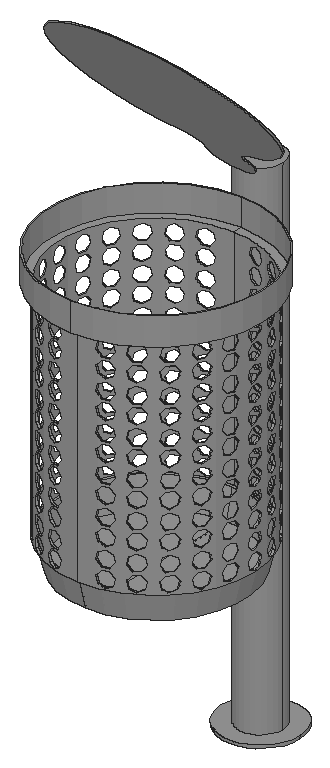
Revit family "Урна для раздельного сбора мусора «Флос» Арт 12769", category Антураж, Revit 2018 (continued)
Forms (mm)
  Extrusion 27, void
    sketch origin (-53.448, -558.364, 0) x (-0.965926, -0.258819, 0) y (0, 0, 1)
      loop
        line (-299.688, 604.326) -> (-311.415, 598.679) -> (-314.312, 585.989) -> (-306.196, 575.812) -> (-293.179, 575.812) -> (-285.064, 585.989) -> (-287.96, 598.679) -> (-299.688, 604.326)
      loop
        line (-299.688, 542.297) -> (-287.96, 547.945) -> (-285.064, 560.635) -> (-293.179, 570.812) -> (-306.196, 570.812) -> (-314.312, 560.635) -> (-311.415, 547.945) -> (-299.688, 542.297)
      loop
        line (-299.688, 537.297) -> (-311.415, 531.65) -> (-314.312, 518.959) -> (-306.196, 508.783) -> (-293.179, 508.783) -> (-285.064, 518.959) -> (-287.96, 531.65) -> (-299.688, 537.297)
      loop
        line (-299.688, 475.268) -> (-287.96, 480.916) -> (-285.064, 493.606) -> (-293.179, 503.783) -> (-306.196, 503.783) -> (-314.312, 493.606) -> (-311.415, 480.916) -> (-299.688, 475.268)
      loop
        line (-299.688, 470.268) -> (-311.415, 464.621) -> (-314.312, 451.93) -> (-306.196, 441.754) -> (-293.179, 441.754) -> (-285.064, 451.93) -> (-287.96, 464.621) -> (-299.688, 470.268)
      loop
        line (-299.688, 408.239) -> (-287.96, 413.887) -> (-285.064, 426.577) -> (-293.179, 436.754) -> (-306.196, 436.754) -> (-314.312, 426.577) -> (-311.415, 413.887) -> (-299.688, 408.239)
      loop
        line (-299.688, 805.414) -> (-311.415, 799.766) -> (-314.312, 787.076) -> (-306.196, 776.899) -> (-293.179, 776.899) -> (-285.064, 787.076) -> (-287.96, 799.766) -> (-299.688, 805.414)
    from 1.414 to 26.983
Cuts and joins
  joined: Extrusion 1, Extrusion 2, Extrusion 4
  Extrusion 6, Extrusion 7, Extrusion 8, Extrusion 9, Extrusion 10, Extrusion 11, Extrusion 12, Extrusion 13, Extrusion 14, Extrusion 15, Extrusion 16, Extrusion 17, Extrusion 18, Extrusion 19, Extrusion 20, Extrusion 21, Extrusion 22, Extrusion 23, Extrusion 24, Extrusion 25, Extrusion 26, Extrusion 27 cuts Revolve 5
Lines and regions (mm)
  symbolic lines
    curve 1: line (0, 0, 795.414) -> (375, 0, 795.414)
    curve 2: line (187.5, -489.688, 0) -> (187.5, -109.688, 0)
    curve 3: line (187.5, -299.688, 0) -> (102.5, -299.688, 0)
Dimensions and locks
  "Длина": plane 3 "По центру (Влево/Вправо)" to plane 5
  "Ширина": plane 4 to plane 1 "По центру (Вперед/Назад)"
  "Высота": plane 6 to plane 2
  aligned and locked: level to plane 2
Automatic sketch dimensions
  curve 1 to plane 3 "По центру (Влево/Вправо)" = 0 mm
  curve 1 to plane 5 = 0 mm
  curve 1 to plane 6 = 454.586 mm
  plane 3 "По центру (Влево/Вправо)" to curve 3 = 102.5 mm
  plane 4 to curve 2 = 0.312 mm
  curve 3 to curve 3 = 85 mm
  curve 2 to curve 3 = 190 mm
  plane 1 "По центру (Вперед/Назад)" to curve 2 = 109.688 mm
  plane 1 "По центру (Вперед/Назад)" to Extrusion 1 sketch curve = 67.305 mm
  plane 3 "По центру (Влево/Вправо)" to Extrusion 1 sketch curve = 187.5 mm
  Extrusion 2 sketch curve to Extrusion 2 sketch curve = 0 mm  (x2)
  plane 1 "По центру (Вперед/Назад)" to Extrusion 2 sketch curve = 67.305 mm
  plane 3 "По центру (Влево/Вправо)" to Extrusion 2 sketch curve = 187.5 mm
  Extrusion 2 sketch curve to Extrusion 2 sketch curve = 40 mm
  plane 3 "По центру (Влево/Вправо)" to Extrusion 3 sketch curve = 122.46 mm
  plane 3 "По центру (Влево/Вправо)" to Extrusion 3 sketch curve = 187.5 mm
  Extrusion 3 sketch curve to Extrusion 3 sketch curve = 65.04 mm  (x2)
  Extrusion 3 sketch curve to Extrusion 3 sketch curve = 208.9 mm
  Extrusion 3 sketch curve to Extrusion 3 sketch curve = 0 mm
  Extrusion 3 sketch curve to Extrusion 3 sketch curve = 18.96 mm
  Extrusion 3 sketch curve to Extrusion 3 sketch curve = 9.839 mm
  Extrusion 3 sketch curve to Extrusion 3 sketch curve = 29.897 mm  (x2)
  Extrusion 3 sketch curve to Extrusion 3 sketch curve = 28.232 mm
  plane 1 "По центру (Вперед/Назад)" to Extrusion 4 sketch curve = 230 mm
  plane 1 "По центру (Вперед/Назад)" to Extrusion 4 sketch curve = 105 mm
  level to Extrusion 4 sketch curve = 319.248 mm
  Extrusion 4 sketch curve to Extrusion 4 sketch curve = 31.166 mm
  Extrusion 4 sketch curve to Extrusion 4 sketch curve = 5 mm
  plane 4 to Revolve 5 sketch curve = 0.312 mm
  plane 4 to Revolve 5 sketch curve = 2.312 mm
  Revolve 5 sketch curve to Revolve 5 sketch curve = 13 mm
  Revolve 5 sketch curve to Revolve 5 sketch curve = 2 mm  (x5)
  Revolve 5 sketch curve to Revolve 5 sketch curve = 3 mm
  plane 4 to Revolve 5 sketch curve = 33.511 mm
  Revolve 5 sketch curve to Revolve 5 sketch curve = 1.4 mm
  Revolve 5 sketch curve to Revolve 5 sketch curve = 155.401 mm
  level to Revolve 5 sketch curve = 355.414 mm
  Revolve 5 sketch curve to Revolve 5 sketch curve = 48 mm  (x3)
  Revolve 5 sketch curve to Revolve 5 sketch curve = 403 mm
  Revolve 5 sketch curve to Revolve 5 sketch curve = 0 mm  (x2)
  plane 4 to Extrusion 6 sketch curve = 175.688 mm  (x2)
  Extrusion 6 sketch curve to Extrusion 6 sketch curve = 0 mm  (x27)
  Extrusion 6 sketch curve to Extrusion 6 sketch curve = 2.896 mm  (x16)
  Extrusion 6 sketch curve to Extrusion 6 sketch curve = 8.116 mm  (x14)
  Extrusion 6 sketch curve to Extrusion 6 sketch curve = 11.727 mm  (x19)
  Extrusion 6 sketch curve to Extrusion 6 sketch curve = 13.017 mm  (x6)
  level to Extrusion 6 sketch curve = 408.239 mm
  Extrusion 6 sketch curve to Extrusion 6 sketch curve = 5.648 mm  (x18)
  Extrusion 6 sketch curve to Extrusion 6 sketch curve = 12.69 mm  (x24)
  Extrusion 6 sketch curve to Extrusion 6 sketch curve = 10.177 mm  (x18)
  Extrusion 6 sketch curve to Extrusion 6 sketch curve = 5 mm  (x11)
  Extrusion 7 sketch curve to plane 6 = 596.982 mm  (x2)
  level to Extrusion 7 sketch curve = 451.93 mm  (x2)
  Extrusion 7 sketch curve to Extrusion 7 sketch curve = 0 mm  (x28)
  Extrusion 7 sketch curve to plane 6 = 488.278 mm  (x2)
  Extrusion 7 sketch curve to plane 6 = 622.336 mm  (x2)
  level to Extrusion 7 sketch curve = 560.635 mm  (x2)
  Extrusion 7 sketch curve to plane 6 = 462.924 mm  (x2)
  level to Extrusion 7 sketch curve = 493.606 mm  (x2)
  Extrusion 7 sketch curve to plane 6 = 555.307 mm  (x2)
  level to Extrusion 7 sketch curve = 518.959 mm  (x2)
  level to Extrusion 7 sketch curve = 426.577 mm  (x2)
  Extrusion 7 sketch curve to plane 6 = 529.953 mm  (x2)
  level to Extrusion 7 sketch curve = 585.989 mm  (x2)
  level to Extrusion 7 sketch curve = 598.679 mm  (x2)
  Extrusion 7 sketch curve to Extrusion 7 sketch curve = 2.896 mm  (x17)
  Extrusion 7 sketch curve to plane 6 = 517.263 mm  (x2)
  level to Extrusion 7 sketch curve = 480.916 mm  (x2)
  Extrusion 7 sketch curve to plane 6 = 567.997 mm  (x2)
  level to Extrusion 7 sketch curve = 547.945 mm  (x2)
  Extrusion 7 sketch curve to plane 6 = 450.234 mm  (x2)
  level to Extrusion 7 sketch curve = 413.887 mm  (x2)
  level to Extrusion 7 sketch curve = 531.65 mm  (x2)
  level to Extrusion 7 sketch curve = 614.974 mm  (x2)
  level to Extrusion 7 sketch curve = 464.621 mm  (x2)
  Extrusion 7 sketch curve to plane 6 = 500.968 mm  (x2)
  Extrusion 7 sketch curve to plane 6 = 584.292 mm  (x2)
  Extrusion 7 sketch curve to Extrusion 7 sketch curve = 8.116 mm  (x13)
  level to Extrusion 7 sketch curve = 441.754 mm
  Extrusion 7 sketch curve to plane 6 = 540.13 mm
  level to Extrusion 7 sketch curve = 508.783 mm
  Extrusion 7 sketch curve to plane 6 = 612.159 mm
  level to Extrusion 7 sketch curve = 436.754 mm
  level to Extrusion 7 sketch curve = 408.239 mm
  Extrusion 7 sketch curve to Extrusion 7 sketch curve = 11.727 mm  (x19)
  Extrusion 7 sketch curve to plane 6 = 444.586 mm
  level to Extrusion 7 sketch curve = 609.326 mm
  Extrusion 7 sketch curve to plane 6 = 511.616 mm
  Extrusion 7 sketch curve to plane 6 = 573.645 mm
  level to Extrusion 7 sketch curve = 475.268 mm
  level to Extrusion 7 sketch curve = 537.297 mm
  level to Extrusion 7 sketch curve = 470.268 mm
  level to Extrusion 7 sketch curve = 604.326 mm
  level to Extrusion 7 sketch curve = 542.297 mm
  Extrusion 7 sketch curve to plane 6 = 506.616 mm
  Extrusion 7 sketch curve to plane 6 = 578.645 mm
  Extrusion 7 sketch curve to plane 6 = 545.13 mm
  Extrusion 7 sketch curve to Extrusion 7 sketch curve = 13.017 mm  (x6)
  level to Extrusion 7 sketch curve = 570.812 mm
  Extrusion 7 sketch curve to plane 6 = 473.101 mm
  level to Extrusion 7 sketch curve = 575.812 mm
  level to Extrusion 7 sketch curve = 503.783 mm
  Extrusion 7 sketch curve to Extrusion 7 sketch curve = 5 mm  (x2)
  Extrusion 8 sketch curve to plane 6 = 596.982 mm  (x2)
  level to Extrusion 8 sketch curve = 451.93 mm  (x2)
  Extrusion 8 sketch curve to Extrusion 8 sketch curve = 0 mm  (x28)
  Extrusion 8 sketch curve to plane 6 = 488.278 mm  (x2)
  Extrusion 8 sketch curve to plane 6 = 622.336 mm  (x2)
  level to Extrusion 8 sketch curve = 560.635 mm  (x2)
  Extrusion 8 sketch curve to plane 6 = 462.924 mm  (x2)
  level to Extrusion 8 sketch curve = 493.606 mm  (x2)
  Extrusion 8 sketch curve to plane 6 = 555.307 mm  (x2)
  level to Extrusion 8 sketch curve = 518.959 mm  (x2)
  level to Extrusion 8 sketch curve = 426.577 mm  (x2)
  Extrusion 8 sketch curve to plane 6 = 529.953 mm  (x2)
  level to Extrusion 8 sketch curve = 585.989 mm  (x2)
  level to Extrusion 8 sketch curve = 598.679 mm  (x2)
  Extrusion 8 sketch curve to Extrusion 8 sketch curve = 2.896 mm  (x17)
  Extrusion 8 sketch curve to plane 6 = 517.263 mm  (x2)
  level to Extrusion 8 sketch curve = 480.916 mm  (x2)
  Extrusion 8 sketch curve to plane 6 = 567.997 mm  (x2)
  level to Extrusion 8 sketch curve = 547.945 mm  (x2)
  Extrusion 8 sketch curve to plane 6 = 450.234 mm  (x2)
  level to Extrusion 8 sketch curve = 413.887 mm  (x2)
  level to Extrusion 8 sketch curve = 531.65 mm  (x2)
  level to Extrusion 8 sketch curve = 614.974 mm  (x2)
  level to Extrusion 8 sketch curve = 464.621 mm  (x2)
  Extrusion 8 sketch curve to plane 6 = 500.968 mm  (x2)
  Extrusion 8 sketch curve to plane 6 = 584.292 mm  (x2)
  Extrusion 8 sketch curve to Extrusion 8 sketch curve = 8.116 mm  (x13)
  level to Extrusion 8 sketch curve = 441.754 mm
  Extrusion 8 sketch curve to plane 6 = 540.13 mm
  level to Extrusion 8 sketch curve = 508.783 mm
  Extrusion 8 sketch curve to plane 6 = 612.159 mm
  level to Extrusion 8 sketch curve = 436.754 mm
  level to Extrusion 8 sketch curve = 408.239 mm
  Extrusion 8 sketch curve to Extrusion 8 sketch curve = 11.727 mm  (x19)
  Extrusion 8 sketch curve to plane 6 = 444.586 mm
  level to Extrusion 8 sketch curve = 609.326 mm
  Extrusion 8 sketch curve to plane 6 = 511.616 mm
  Extrusion 8 sketch curve to plane 6 = 573.645 mm
  level to Extrusion 8 sketch curve = 475.268 mm
  level to Extrusion 8 sketch curve = 537.297 mm
  level to Extrusion 8 sketch curve = 470.268 mm
  level to Extrusion 8 sketch curve = 604.326 mm
  level to Extrusion 8 sketch curve = 542.297 mm
  Extrusion 8 sketch curve to plane 6 = 506.616 mm
  Extrusion 8 sketch curve to plane 6 = 578.645 mm
  Extrusion 8 sketch curve to plane 6 = 545.13 mm
  Extrusion 8 sketch curve to Extrusion 8 sketch curve = 13.017 mm  (x6)
  level to Extrusion 8 sketch curve = 570.812 mm
  Extrusion 8 sketch curve to plane 6 = 473.101 mm
  level to Extrusion 8 sketch curve = 575.812 mm
  level to Extrusion 8 sketch curve = 503.783 mm
  Extrusion 8 sketch curve to Extrusion 8 sketch curve = 5 mm  (x2)
  Extrusion 9 sketch curve to plane 6 = 596.982 mm  (x2)
  level to Extrusion 9 sketch curve = 451.93 mm  (x2)
  Extrusion 9 sketch curve to Extrusion 9 sketch curve = 0 mm  (x28)
  Extrusion 9 sketch curve to plane 6 = 488.278 mm  (x2)
  Extrusion 9 sketch curve to plane 6 = 622.336 mm  (x2)
  level to Extrusion 9 sketch curve = 560.635 mm  (x2)
  Extrusion 9 sketch curve to plane 6 = 462.924 mm  (x2)
  level to Extrusion 9 sketch curve = 493.606 mm  (x2)
  Extrusion 9 sketch curve to plane 6 = 555.307 mm  (x2)
  level to Extrusion 9 sketch curve = 518.959 mm  (x2)
  level to Extrusion 9 sketch curve = 426.577 mm  (x2)
  Extrusion 9 sketch curve to plane 6 = 529.953 mm  (x2)
  level to Extrusion 9 sketch curve = 585.989 mm  (x2)
  level to Extrusion 9 sketch curve = 598.679 mm  (x2)
  Extrusion 9 sketch curve to Extrusion 9 sketch curve = 2.896 mm  (x16)
  Extrusion 9 sketch curve to plane 6 = 517.263 mm  (x2)
  level to Extrusion 9 sketch curve = 480.916 mm  (x2)
  Extrusion 9 sketch curve to plane 6 = 567.997 mm  (x2)
  level to Extrusion 9 sketch curve = 547.945 mm  (x2)
  Extrusion 9 sketch curve to plane 6 = 450.234 mm  (x2)
  level to Extrusion 9 sketch curve = 413.887 mm  (x2)
  level to Extrusion 9 sketch curve = 531.65 mm  (x2)
  level to Extrusion 9 sketch curve = 614.974 mm  (x2)
  level to Extrusion 9 sketch curve = 464.621 mm  (x2)
  Extrusion 9 sketch curve to plane 6 = 500.968 mm  (x2)
  Extrusion 9 sketch curve to plane 6 = 584.292 mm  (x2)
  Extrusion 9 sketch curve to Extrusion 9 sketch curve = 8.116 mm  (x14)
  level to Extrusion 9 sketch curve = 441.754 mm
  Extrusion 9 sketch curve to plane 6 = 540.13 mm
  level to Extrusion 9 sketch curve = 508.783 mm
  Extrusion 9 sketch curve to plane 6 = 612.159 mm
  level to Extrusion 9 sketch curve = 436.754 mm
  level to Extrusion 9 sketch curve = 408.239 mm
  Extrusion 9 sketch curve to Extrusion 9 sketch curve = 11.727 mm  (x19)
  Extrusion 9 sketch curve to plane 6 = 444.586 mm
  level to Extrusion 9 sketch curve = 609.326 mm
  Extrusion 9 sketch curve to plane 6 = 511.616 mm
  Extrusion 9 sketch curve to plane 6 = 573.645 mm
  level to Extrusion 9 sketch curve = 475.268 mm
  level to Extrusion 9 sketch curve = 537.297 mm
  level to Extrusion 9 sketch curve = 470.268 mm
  level to Extrusion 9 sketch curve = 604.326 mm
  level to Extrusion 9 sketch curve = 542.297 mm
  Extrusion 9 sketch curve to plane 6 = 506.616 mm
  Extrusion 9 sketch curve to plane 6 = 578.645 mm
  Extrusion 9 sketch curve to plane 6 = 545.13 mm
  Extrusion 9 sketch curve to Extrusion 9 sketch curve = 13.017 mm  (x6)
  level to Extrusion 9 sketch curve = 570.812 mm
  Extrusion 9 sketch curve to plane 6 = 473.101 mm
  level to Extrusion 9 sketch curve = 575.812 mm
  level to Extrusion 9 sketch curve = 503.783 mm
  Extrusion 9 sketch curve to Extrusion 9 sketch curve = 5 mm  (x2)
  Extrusion 10 sketch curve to plane 6 = 596.982 mm  (x2)
  level to Extrusion 10 sketch curve = 451.93 mm  (x2)
  Extrusion 10 sketch curve to Extrusion 10 sketch curve = 0 mm  (x28)
  Extrusion 10 sketch curve to plane 6 = 488.278 mm  (x2)
  Extrusion 10 sketch curve to plane 6 = 622.336 mm  (x2)
  level to Extrusion 10 sketch curve = 560.635 mm  (x2)
  Extrusion 10 sketch curve to plane 6 = 462.924 mm  (x2)
  level to Extrusion 10 sketch curve = 493.606 mm  (x2)
  Extrusion 10 sketch curve to plane 6 = 555.307 mm  (x2)
  level to Extrusion 10 sketch curve = 518.959 mm  (x2)
  level to Extrusion 10 sketch curve = 426.577 mm  (x2)
  Extrusion 10 sketch curve to plane 6 = 529.953 mm  (x2)
  level to Extrusion 10 sketch curve = 585.989 mm  (x2)
  level to Extrusion 10 sketch curve = 598.679 mm  (x2)
  Extrusion 10 sketch curve to Extrusion 10 sketch curve = 2.896 mm  (x16)
  Extrusion 10 sketch curve to plane 6 = 517.263 mm  (x2)
  level to Extrusion 10 sketch curve = 480.916 mm  (x2)
  Extrusion 10 sketch curve to plane 6 = 567.997 mm  (x2)
  level to Extrusion 10 sketch curve = 547.945 mm  (x2)
  Extrusion 10 sketch curve to plane 6 = 450.234 mm  (x2)
  level to Extrusion 10 sketch curve = 413.887 mm  (x2)
  level to Extrusion 10 sketch curve = 531.65 mm  (x2)
  level to Extrusion 10 sketch curve = 614.974 mm  (x2)
  level to Extrusion 10 sketch curve = 464.621 mm  (x2)
  Extrusion 10 sketch curve to plane 6 = 500.968 mm  (x2)
  Extrusion 10 sketch curve to plane 6 = 584.292 mm  (x2)
  Extrusion 10 sketch curve to Extrusion 10 sketch curve = 8.116 mm  (x14)
  level to Extrusion 10 sketch curve = 441.754 mm
  Extrusion 10 sketch curve to plane 6 = 540.13 mm
  level to Extrusion 10 sketch curve = 508.783 mm
  Extrusion 10 sketch curve to plane 6 = 612.159 mm
  level to Extrusion 10 sketch curve = 436.754 mm
  level to Extrusion 10 sketch curve = 408.239 mm
  Extrusion 10 sketch curve to Extrusion 10 sketch curve = 11.727 mm  (x19)
  Extrusion 10 sketch curve to plane 6 = 444.586 mm
  level to Extrusion 10 sketch curve = 609.326 mm
  Extrusion 10 sketch curve to plane 6 = 511.616 mm
  Extrusion 10 sketch curve to plane 6 = 573.645 mm
  level to Extrusion 10 sketch curve = 475.268 mm
  level to Extrusion 10 sketch curve = 537.297 mm
  level to Extrusion 10 sketch curve = 470.268 mm
  level to Extrusion 10 sketch curve = 604.326 mm
  level to Extrusion 10 sketch curve = 542.297 mm
  Extrusion 10 sketch curve to plane 6 = 506.616 mm
  Extrusion 10 sketch curve to plane 6 = 578.645 mm
  Extrusion 10 sketch curve to plane 6 = 545.13 mm
  Extrusion 10 sketch curve to Extrusion 10 sketch curve = 13.017 mm  (x6)
  level to Extrusion 10 sketch curve = 570.812 mm
  Extrusion 10 sketch curve to plane 6 = 473.101 mm
  level to Extrusion 10 sketch curve = 575.812 mm
  level to Extrusion 10 sketch curve = 503.783 mm
  Extrusion 10 sketch curve to Extrusion 10 sketch curve = 5 mm  (x2)
  Extrusion 11 sketch curve to plane 6 = 596.982 mm  (x2)
  level to Extrusion 11 sketch curve = 451.93 mm  (x2)
  Extrusion 11 sketch curve to Extrusion 11 sketch curve = 0 mm  (x28)
  Extrusion 11 sketch curve to plane 6 = 488.278 mm  (x2)
  Extrusion 11 sketch curve to plane 6 = 622.336 mm  (x2)
  level to Extrusion 11 sketch curve = 560.635 mm  (x2)
  Extrusion 11 sketch curve to plane 6 = 462.924 mm  (x2)
  level to Extrusion 11 sketch curve = 493.606 mm  (x2)
  Extrusion 11 sketch curve to plane 6 = 555.307 mm  (x2)
  level to Extrusion 11 sketch curve = 518.959 mm  (x2)
  level to Extrusion 11 sketch curve = 426.577 mm  (x2)
  Extrusion 11 sketch curve to plane 6 = 529.953 mm  (x2)
  level to Extrusion 11 sketch curve = 585.989 mm  (x2)
  level to Extrusion 11 sketch curve = 598.679 mm  (x2)
  Extrusion 11 sketch curve to Extrusion 11 sketch curve = 2.896 mm  (x17)
  Extrusion 11 sketch curve to plane 6 = 517.263 mm  (x2)
  level to Extrusion 11 sketch curve = 480.916 mm  (x2)
  Extrusion 11 sketch curve to plane 6 = 567.997 mm  (x2)
  level to Extrusion 11 sketch curve = 547.945 mm  (x2)
  Extrusion 11 sketch curve to plane 6 = 450.234 mm  (x2)
  level to Extrusion 11 sketch curve = 413.887 mm  (x2)
  level to Extrusion 11 sketch curve = 531.65 mm  (x2)
  level to Extrusion 11 sketch curve = 614.974 mm  (x2)
  level to Extrusion 11 sketch curve = 464.621 mm  (x2)
  Extrusion 11 sketch curve to plane 6 = 500.968 mm  (x2)
  Extrusion 11 sketch curve to plane 6 = 584.292 mm  (x2)
  Extrusion 11 sketch curve to Extrusion 11 sketch curve = 8.116 mm  (x13)
  level to Extrusion 11 sketch curve = 441.754 mm
  Extrusion 11 sketch curve to plane 6 = 540.13 mm
  level to Extrusion 11 sketch curve = 508.783 mm
  Extrusion 11 sketch curve to plane 6 = 612.159 mm
  level to Extrusion 11 sketch curve = 436.754 mm
  level to Extrusion 11 sketch curve = 408.239 mm
  Extrusion 11 sketch curve to Extrusion 11 sketch curve = 11.727 mm  (x19)
  Extrusion 11 sketch curve to plane 6 = 444.586 mm
  level to Extrusion 11 sketch curve = 609.326 mm
  Extrusion 11 sketch curve to plane 6 = 511.616 mm
  Extrusion 11 sketch curve to plane 6 = 573.645 mm
  level to Extrusion 11 sketch curve = 475.268 mm
  level to Extrusion 11 sketch curve = 537.297 mm
  level to Extrusion 11 sketch curve = 470.268 mm
  level to Extrusion 11 sketch curve = 604.326 mm
  level to Extrusion 11 sketch curve = 542.297 mm
  Extrusion 11 sketch curve to plane 6 = 506.616 mm
  Extrusion 11 sketch curve to plane 6 = 578.645 mm
  Extrusion 11 sketch curve to plane 6 = 545.13 mm
  Extrusion 11 sketch curve to Extrusion 11 sketch curve = 13.017 mm  (x6)
  level to Extrusion 11 sketch curve = 570.812 mm
  Extrusion 11 sketch curve to plane 6 = 473.101 mm
  level to Extrusion 11 sketch curve = 575.812 mm
  level to Extrusion 11 sketch curve = 503.783 mm
  Extrusion 11 sketch curve to Extrusion 11 sketch curve = 5 mm  (x2)
  Extrusion 12 sketch curve to plane 6 = 596.982 mm  (x2)
  level to Extrusion 12 sketch curve = 451.93 mm  (x2)
  Extrusion 12 sketch curve to Extrusion 12 sketch curve = 0 mm  (x28)
  Extrusion 12 sketch curve to plane 6 = 488.278 mm  (x2)
  Extrusion 12 sketch curve to plane 6 = 622.336 mm  (x2)
  level to Extrusion 12 sketch curve = 560.635 mm  (x2)
  Extrusion 12 sketch curve to plane 6 = 462.924 mm  (x2)
  level to Extrusion 12 sketch curve = 493.606 mm  (x2)
  Extrusion 12 sketch curve to plane 6 = 555.307 mm  (x2)
  level to Extrusion 12 sketch curve = 518.959 mm  (x2)
  level to Extrusion 12 sketch curve = 426.577 mm  (x2)
  Extrusion 12 sketch curve to plane 6 = 529.953 mm  (x2)
  level to Extrusion 12 sketch curve = 585.989 mm  (x2)
  level to Extrusion 12 sketch curve = 598.679 mm  (x2)
  Extrusion 12 sketch curve to Extrusion 12 sketch curve = 2.896 mm  (x13)
  Extrusion 12 sketch curve to plane 6 = 517.263 mm  (x2)
  level to Extrusion 12 sketch curve = 480.916 mm  (x2)
  Extrusion 12 sketch curve to plane 6 = 567.997 mm  (x2)
  level to Extrusion 12 sketch curve = 547.945 mm  (x2)
  Extrusion 12 sketch curve to plane 6 = 450.234 mm  (x2)
  level to Extrusion 12 sketch curve = 413.887 mm  (x2)
  level to Extrusion 12 sketch curve = 531.65 mm  (x2)
  level to Extrusion 12 sketch curve = 614.974 mm  (x2)
  level to Extrusion 12 sketch curve = 464.621 mm  (x2)
  Extrusion 12 sketch curve to plane 6 = 500.968 mm  (x2)
  Extrusion 12 sketch curve to plane 6 = 584.292 mm  (x2)
  Extrusion 12 sketch curve to Extrusion 12 sketch curve = 8.116 mm  (x17)
  level to Extrusion 12 sketch curve = 441.754 mm
  Extrusion 12 sketch curve to plane 6 = 540.13 mm
  level to Extrusion 12 sketch curve = 508.783 mm
  Extrusion 12 sketch curve to plane 6 = 612.159 mm
  level to Extrusion 12 sketch curve = 436.754 mm
  level to Extrusion 12 sketch curve = 408.239 mm
  Extrusion 12 sketch curve to Extrusion 12 sketch curve = 11.727 mm  (x19)
  Extrusion 12 sketch curve to plane 6 = 444.586 mm
  level to Extrusion 12 sketch curve = 609.326 mm
  Extrusion 12 sketch curve to plane 6 = 511.616 mm
  Extrusion 12 sketch curve to plane 6 = 573.645 mm
  level to Extrusion 12 sketch curve = 475.268 mm
  level to Extrusion 12 sketch curve = 537.297 mm
  level to Extrusion 12 sketch curve = 470.268 mm
  level to Extrusion 12 sketch curve = 604.326 mm
  level to Extrusion 12 sketch curve = 542.297 mm
  Extrusion 12 sketch curve to plane 6 = 506.616 mm
  Extrusion 12 sketch curve to plane 6 = 578.645 mm
  Extrusion 12 sketch curve to plane 6 = 545.13 mm
  Extrusion 12 sketch curve to Extrusion 12 sketch curve = 13.017 mm  (x6)
  level to Extrusion 12 sketch curve = 570.812 mm
  Extrusion 12 sketch curve to plane 6 = 473.101 mm
  level to Extrusion 12 sketch curve = 575.812 mm
  level to Extrusion 12 sketch curve = 503.783 mm
  Extrusion 12 sketch curve to Extrusion 12 sketch curve = 5 mm  (x2)
  Extrusion 13 sketch curve to plane 6 = 596.982 mm  (x2)
  level to Extrusion 13 sketch curve = 451.93 mm  (x2)
  Extrusion 13 sketch curve to Extrusion 13 sketch curve = 0 mm  (x28)
  Extrusion 13 sketch curve to plane 6 = 488.278 mm  (x2)
  Extrusion 13 sketch curve to plane 6 = 622.336 mm  (x2)
  level to Extrusion 13 sketch curve = 560.635 mm  (x2)
  Extrusion 13 sketch curve to plane 6 = 462.924 mm  (x2)
  level to Extrusion 13 sketch curve = 493.606 mm  (x2)
  Extrusion 13 sketch curve to plane 6 = 555.307 mm  (x2)
  level to Extrusion 13 sketch curve = 518.959 mm  (x2)
  level to Extrusion 13 sketch curve = 426.577 mm  (x2)
  Extrusion 13 sketch curve to plane 6 = 529.953 mm  (x2)
  level to Extrusion 13 sketch curve = 585.989 mm  (x2)
  level to Extrusion 13 sketch curve = 598.679 mm  (x2)
  Extrusion 13 sketch curve to Extrusion 13 sketch curve = 2.896 mm  (x14)
  Extrusion 13 sketch curve to plane 6 = 517.263 mm  (x2)
  level to Extrusion 13 sketch curve = 480.916 mm  (x2)
  Extrusion 13 sketch curve to plane 6 = 567.997 mm  (x2)
  level to Extrusion 13 sketch curve = 547.945 mm  (x2)
  Extrusion 13 sketch curve to plane 6 = 450.234 mm  (x2)
  level to Extrusion 13 sketch curve = 413.887 mm  (x2)
  level to Extrusion 13 sketch curve = 531.65 mm  (x2)
  level to Extrusion 13 sketch curve = 614.974 mm  (x2)
  level to Extrusion 13 sketch curve = 464.621 mm  (x2)
  Extrusion 13 sketch curve to plane 6 = 500.968 mm  (x2)
  Extrusion 13 sketch curve to plane 6 = 584.292 mm  (x2)
  Extrusion 13 sketch curve to Extrusion 13 sketch curve = 8.116 mm  (x16)
  level to Extrusion 13 sketch curve = 441.754 mm
  Extrusion 13 sketch curve to plane 6 = 540.13 mm
  level to Extrusion 13 sketch curve = 508.783 mm
  Extrusion 13 sketch curve to plane 6 = 612.159 mm
  level to Extrusion 13 sketch curve = 436.754 mm
  level to Extrusion 13 sketch curve = 408.239 mm
  Extrusion 13 sketch curve to Extrusion 13 sketch curve = 11.727 mm  (x19)
  Extrusion 13 sketch curve to plane 6 = 444.586 mm
  level to Extrusion 13 sketch curve = 609.326 mm
  Extrusion 13 sketch curve to plane 6 = 511.616 mm
  Extrusion 13 sketch curve to plane 6 = 573.645 mm
  level to Extrusion 13 sketch curve = 475.268 mm
  level to Extrusion 13 sketch curve = 537.297 mm
  level to Extrusion 13 sketch curve = 470.268 mm
  level to Extrusion 13 sketch curve = 604.326 mm
  level to Extrusion 13 sketch curve = 542.297 mm
  Extrusion 13 sketch curve to plane 6 = 506.616 mm
  Extrusion 13 sketch curve to plane 6 = 578.645 mm
  Extrusion 13 sketch curve to plane 6 = 545.13 mm
  Extrusion 13 sketch curve to Extrusion 13 sketch curve = 13.017 mm  (x6)
  level to Extrusion 13 sketch curve = 570.812 mm
  Extrusion 13 sketch curve to plane 6 = 473.101 mm
  level to Extrusion 13 sketch curve = 575.812 mm
  level to Extrusion 13 sketch curve = 503.783 mm
  Extrusion 13 sketch curve to Extrusion 13 sketch curve = 5 mm  (x2)
  Extrusion 14 sketch curve to plane 6 = 596.982 mm  (x2)
  level to Extrusion 14 sketch curve = 451.93 mm  (x2)
  Extrusion 14 sketch curve to Extrusion 14 sketch curve = 0 mm  (x28)
  Extrusion 14 sketch curve to plane 6 = 488.278 mm  (x2)
  Extrusion 14 sketch curve to plane 6 = 622.336 mm  (x2)
  level to Extrusion 14 sketch curve = 560.635 mm  (x2)
  Extrusion 14 sketch curve to plane 6 = 462.924 mm  (x2)
  level to Extrusion 14 sketch curve = 493.606 mm  (x2)
  Extrusion 14 sketch curve to plane 6 = 555.307 mm  (x2)
  level to Extrusion 14 sketch curve = 518.959 mm  (x2)
  level to Extrusion 14 sketch curve = 426.577 mm  (x2)
  Extrusion 14 sketch curve to plane 6 = 529.953 mm  (x2)
  level to Extrusion 14 sketch curve = 585.989 mm  (x2)
  level to Extrusion 14 sketch curve = 598.679 mm  (x2)
  Extrusion 14 sketch curve to Extrusion 14 sketch curve = 2.896 mm  (x16)
  Extrusion 14 sketch curve to plane 6 = 517.263 mm  (x2)
  level to Extrusion 14 sketch curve = 480.916 mm  (x2)
  Extrusion 14 sketch curve to plane 6 = 567.997 mm  (x2)
  level to Extrusion 14 sketch curve = 547.945 mm  (x2)
  Extrusion 14 sketch curve to plane 6 = 450.234 mm  (x2)
  level to Extrusion 14 sketch curve = 413.887 mm  (x2)
  level to Extrusion 14 sketch curve = 531.65 mm  (x2)
  level to Extrusion 14 sketch curve = 614.974 mm  (x2)
  level to Extrusion 14 sketch curve = 464.621 mm  (x2)
  Extrusion 14 sketch curve to plane 6 = 500.968 mm  (x2)
  Extrusion 14 sketch curve to plane 6 = 584.292 mm  (x2)
  Extrusion 14 sketch curve to Extrusion 14 sketch curve = 8.116 mm  (x14)
  level to Extrusion 14 sketch curve = 441.754 mm
  Extrusion 14 sketch curve to plane 6 = 540.13 mm
  level to Extrusion 14 sketch curve = 508.783 mm
  Extrusion 14 sketch curve to plane 6 = 612.159 mm
  level to Extrusion 14 sketch curve = 436.754 mm
  level to Extrusion 14 sketch curve = 408.239 mm
  Extrusion 14 sketch curve to Extrusion 14 sketch curve = 11.727 mm  (x19)
  Extrusion 14 sketch curve to plane 6 = 444.586 mm
  level to Extrusion 14 sketch curve = 609.326 mm
  Extrusion 14 sketch curve to plane 6 = 511.616 mm
  Extrusion 14 sketch curve to plane 6 = 573.645 mm
  level to Extrusion 14 sketch curve = 475.268 mm
  level to Extrusion 14 sketch curve = 537.297 mm
  level to Extrusion 14 sketch curve = 470.268 mm
  level to Extrusion 14 sketch curve = 604.326 mm
  level to Extrusion 14 sketch curve = 542.297 mm
  Extrusion 14 sketch curve to plane 6 = 506.616 mm
  Extrusion 14 sketch curve to plane 6 = 578.645 mm
  Extrusion 14 sketch curve to plane 6 = 545.13 mm
  Extrusion 14 sketch curve to Extrusion 14 sketch curve = 13.017 mm  (x6)
  level to Extrusion 14 sketch curve = 570.812 mm
  Extrusion 14 sketch curve to plane 6 = 473.101 mm
  level to Extrusion 14 sketch curve = 575.812 mm
  level to Extrusion 14 sketch curve = 503.783 mm
  Extrusion 14 sketch curve to Extrusion 14 sketch curve = 5 mm  (x2)
  Extrusion 15 sketch curve to plane 6 = 596.982 mm  (x2)
  level to Extrusion 15 sketch curve = 451.93 mm  (x2)
  Extrusion 15 sketch curve to Extrusion 15 sketch curve = 0 mm  (x28)
  Extrusion 15 sketch curve to plane 6 = 488.278 mm  (x2)
  Extrusion 15 sketch curve to plane 6 = 622.336 mm  (x2)
  level to Extrusion 15 sketch curve = 560.635 mm  (x2)
  Extrusion 15 sketch curve to plane 6 = 462.924 mm  (x2)
  level to Extrusion 15 sketch curve = 493.606 mm  (x2)
  Extrusion 15 sketch curve to plane 6 = 555.307 mm  (x2)
  level to Extrusion 15 sketch curve = 518.959 mm  (x2)
  level to Extrusion 15 sketch curve = 426.577 mm  (x2)
  Extrusion 15 sketch curve to plane 6 = 529.953 mm  (x2)
  level to Extrusion 15 sketch curve = 585.989 mm  (x2)
  level to Extrusion 15 sketch curve = 598.679 mm  (x2)
  Extrusion 15 sketch curve to Extrusion 15 sketch curve = 2.896 mm  (x17)
  Extrusion 15 sketch curve to plane 6 = 517.263 mm  (x2)
  level to Extrusion 15 sketch curve = 480.916 mm  (x2)
  Extrusion 15 sketch curve to plane 6 = 567.997 mm  (x2)
  level to Extrusion 15 sketch curve = 547.945 mm  (x2)
  Extrusion 15 sketch curve to plane 6 = 450.234 mm  (x2)
  level to Extrusion 15 sketch curve = 413.887 mm  (x2)
  level to Extrusion 15 sketch curve = 531.65 mm  (x2)
  level to Extrusion 15 sketch curve = 614.974 mm  (x2)
  level to Extrusion 15 sketch curve = 464.621 mm  (x2)
  Extrusion 15 sketch curve to plane 6 = 500.968 mm  (x2)
  Extrusion 15 sketch curve to plane 6 = 584.292 mm  (x2)
  Extrusion 15 sketch curve to Extrusion 15 sketch curve = 8.116 mm  (x13)
  level to Extrusion 15 sketch curve = 441.754 mm
  Extrusion 15 sketch curve to plane 6 = 540.13 mm
  level to Extrusion 15 sketch curve = 508.783 mm
  Extrusion 15 sketch curve to plane 6 = 612.159 mm
  level to Extrusion 15 sketch curve = 436.754 mm
  level to Extrusion 15 sketch curve = 408.239 mm
  Extrusion 15 sketch curve to Extrusion 15 sketch curve = 11.727 mm  (x19)
  Extrusion 15 sketch curve to plane 6 = 444.586 mm
  level to Extrusion 15 sketch curve = 609.326 mm
  Extrusion 15 sketch curve to plane 6 = 511.616 mm
  Extrusion 15 sketch curve to plane 6 = 573.645 mm
  level to Extrusion 15 sketch curve = 475.268 mm
  level to Extrusion 15 sketch curve = 537.297 mm
  level to Extrusion 15 sketch curve = 470.268 mm
  level to Extrusion 15 sketch curve = 604.326 mm
  level to Extrusion 15 sketch curve = 542.297 mm
  Extrusion 15 sketch curve to plane 6 = 506.616 mm
  Extrusion 15 sketch curve to plane 6 = 578.645 mm
  Extrusion 15 sketch curve to plane 6 = 545.13 mm
  Extrusion 15 sketch curve to Extrusion 15 sketch curve = 13.017 mm  (x6)
  level to Extrusion 15 sketch curve = 570.812 mm
  Extrusion 15 sketch curve to plane 6 = 473.101 mm
  level to Extrusion 15 sketch curve = 575.812 mm
  level to Extrusion 15 sketch curve = 503.783 mm
  Extrusion 15 sketch curve to Extrusion 15 sketch curve = 5 mm  (x2)
  Extrusion 16 sketch curve to plane 6 = 596.982 mm  (x2)
  level to Extrusion 16 sketch curve = 451.93 mm  (x2)
  Extrusion 16 sketch curve to Extrusion 16 sketch curve = 0 mm  (x28)
  Extrusion 16 sketch curve to plane 6 = 488.278 mm  (x2)
  Extrusion 16 sketch curve to plane 6 = 622.336 mm  (x2)
  level to Extrusion 16 sketch curve = 560.635 mm  (x2)
  Extrusion 16 sketch curve to plane 6 = 462.924 mm  (x2)
  level to Extrusion 16 sketch curve = 493.606 mm  (x2)
  Extrusion 16 sketch curve to plane 6 = 555.307 mm  (x2)
  level to Extrusion 16 sketch curve = 518.959 mm  (x2)
  level to Extrusion 16 sketch curve = 426.577 mm  (x2)
  Extrusion 16 sketch curve to plane 6 = 529.953 mm  (x2)
  level to Extrusion 16 sketch curve = 585.989 mm  (x2)
  level to Extrusion 16 sketch curve = 598.679 mm  (x2)
  Extrusion 16 sketch curve to Extrusion 16 sketch curve = 2.896 mm  (x18)
  Extrusion 16 sketch curve to plane 6 = 517.263 mm  (x2)
  level to Extrusion 16 sketch curve = 480.916 mm  (x2)
  Extrusion 16 sketch curve to plane 6 = 567.997 mm  (x2)
  level to Extrusion 16 sketch curve = 547.945 mm  (x2)
  Extrusion 16 sketch curve to plane 6 = 450.234 mm  (x2)
  level to Extrusion 16 sketch curve = 413.887 mm  (x2)
  level to Extrusion 16 sketch curve = 531.65 mm  (x2)
  level to Extrusion 16 sketch curve = 614.974 mm  (x2)
  level to Extrusion 16 sketch curve = 464.621 mm  (x2)
  Extrusion 16 sketch curve to plane 6 = 500.968 mm  (x2)
  Extrusion 16 sketch curve to plane 6 = 584.292 mm  (x2)
  Extrusion 16 sketch curve to Extrusion 16 sketch curve = 8.116 mm  (x12)
  level to Extrusion 16 sketch curve = 441.754 mm
  Extrusion 16 sketch curve to plane 6 = 540.13 mm
  level to Extrusion 16 sketch curve = 508.783 mm
  Extrusion 16 sketch curve to plane 6 = 612.159 mm
  level to Extrusion 16 sketch curve = 436.754 mm
  level to Extrusion 16 sketch curve = 408.239 mm
  Extrusion 16 sketch curve to Extrusion 16 sketch curve = 11.727 mm  (x19)
  Extrusion 16 sketch curve to plane 6 = 444.586 mm
  level to Extrusion 16 sketch curve = 609.326 mm
  Extrusion 16 sketch curve to plane 6 = 511.616 mm
  Extrusion 16 sketch curve to plane 6 = 573.645 mm
  level to Extrusion 16 sketch curve = 475.268 mm
  level to Extrusion 16 sketch curve = 537.297 mm
  level to Extrusion 16 sketch curve = 470.268 mm
  level to Extrusion 16 sketch curve = 604.326 mm
  level to Extrusion 16 sketch curve = 542.297 mm
  Extrusion 16 sketch curve to plane 6 = 506.616 mm
  Extrusion 16 sketch curve to plane 6 = 578.645 mm
  Extrusion 16 sketch curve to plane 6 = 545.13 mm
  Extrusion 16 sketch curve to Extrusion 16 sketch curve = 13.017 mm  (x6)
  level to Extrusion 16 sketch curve = 570.812 mm
  Extrusion 16 sketch curve to plane 6 = 473.101 mm
  level to Extrusion 16 sketch curve = 575.812 mm
  level to Extrusion 16 sketch curve = 503.783 mm
  Extrusion 16 sketch curve to Extrusion 16 sketch curve = 5 mm  (x2)
  plane 4 to Extrusion 17 sketch curve = 175.688 mm  (x2)
  Extrusion 17 sketch curve to Extrusion 17 sketch curve = 0 mm  (x27)
  Extrusion 17 sketch curve to Extrusion 17 sketch curve = 2.896 mm  (x18)
  Extrusion 17 sketch curve to Extrusion 17 sketch curve = 8.116 mm  (x12)
  Extrusion 17 sketch curve to Extrusion 17 sketch curve = 11.727 mm  (x19)
  Extrusion 17 sketch curve to Extrusion 17 sketch curve = 13.017 mm  (x6)
  Extrusion 17 sketch curve to plane 6 = 444.586 mm
  Extrusion 17 sketch curve to Extrusion 17 sketch curve = 5.648 mm  (x18)
  Extrusion 17 sketch curve to Extrusion 17 sketch curve = 12.69 mm  (x24)
  Extrusion 17 sketch curve to Extrusion 17 sketch curve = 10.177 mm  (x18)
  Extrusion 17 sketch curve to Extrusion 17 sketch curve = 5 mm  (x11)
  Extrusion 18 sketch curve to plane 6 = 596.982 mm  (x2)
  level to Extrusion 18 sketch curve = 451.93 mm  (x2)
  Extrusion 18 sketch curve to Extrusion 18 sketch curve = 0 mm  (x28)
  Extrusion 18 sketch curve to plane 6 = 488.278 mm  (x2)
  Extrusion 18 sketch curve to plane 6 = 622.336 mm  (x2)
  level to Extrusion 18 sketch curve = 560.635 mm  (x2)
  Extrusion 18 sketch curve to plane 6 = 462.924 mm  (x2)
  level to Extrusion 18 sketch curve = 493.606 mm  (x2)
  Extrusion 18 sketch curve to plane 6 = 555.307 mm  (x2)
  level to Extrusion 18 sketch curve = 518.959 mm  (x2)
  level to Extrusion 18 sketch curve = 426.577 mm  (x2)
  Extrusion 18 sketch curve to plane 6 = 529.953 mm  (x2)
  level to Extrusion 18 sketch curve = 585.989 mm  (x2)
  level to Extrusion 18 sketch curve = 598.679 mm  (x2)
  Extrusion 18 sketch curve to Extrusion 18 sketch curve = 2.896 mm  (x19)
  Extrusion 18 sketch curve to plane 6 = 517.263 mm  (x2)
  level to Extrusion 18 sketch curve = 480.916 mm  (x2)
  Extrusion 18 sketch curve to plane 6 = 567.997 mm  (x2)
  level to Extrusion 18 sketch curve = 547.945 mm  (x2)
  Extrusion 18 sketch curve to plane 6 = 450.234 mm  (x2)
  level to Extrusion 18 sketch curve = 413.887 mm  (x2)
  level to Extrusion 18 sketch curve = 531.65 mm  (x2)
  level to Extrusion 18 sketch curve = 614.974 mm  (x2)
  level to Extrusion 18 sketch curve = 464.621 mm  (x2)
  Extrusion 18 sketch curve to plane 6 = 500.968 mm  (x2)
  Extrusion 18 sketch curve to plane 6 = 584.292 mm  (x2)
  Extrusion 18 sketch curve to Extrusion 18 sketch curve = 8.116 mm  (x11)
  level to Extrusion 18 sketch curve = 441.754 mm
  Extrusion 18 sketch curve to plane 6 = 540.13 mm
  level to Extrusion 18 sketch curve = 508.783 mm
  Extrusion 18 sketch curve to plane 6 = 612.159 mm
  level to Extrusion 18 sketch curve = 436.754 mm
  level to Extrusion 18 sketch curve = 408.239 mm
  Extrusion 18 sketch curve to Extrusion 18 sketch curve = 11.727 mm  (x19)
  Extrusion 18 sketch curve to plane 6 = 444.586 mm
  level to Extrusion 18 sketch curve = 609.326 mm
  Extrusion 18 sketch curve to plane 6 = 511.616 mm
  Extrusion 18 sketch curve to plane 6 = 573.645 mm
  level to Extrusion 18 sketch curve = 475.268 mm
  level to Extrusion 18 sketch curve = 537.297 mm
  level to Extrusion 18 sketch curve = 470.268 mm
  level to Extrusion 18 sketch curve = 604.326 mm
  level to Extrusion 18 sketch curve = 542.297 mm
  Extrusion 18 sketch curve to plane 6 = 506.616 mm
  Extrusion 18 sketch curve to plane 6 = 578.645 mm
  Extrusion 18 sketch curve to plane 6 = 545.13 mm
  Extrusion 18 sketch curve to Extrusion 18 sketch curve = 13.017 mm  (x6)
  level to Extrusion 18 sketch curve = 570.812 mm
  Extrusion 18 sketch curve to plane 6 = 473.101 mm
  level to Extrusion 18 sketch curve = 575.812 mm
  level to Extrusion 18 sketch curve = 503.783 mm
  Extrusion 18 sketch curve to Extrusion 18 sketch curve = 5 mm  (x2)
  Extrusion 19 sketch curve to plane 6 = 596.982 mm  (x2)
  level to Extrusion 19 sketch curve = 451.93 mm  (x2)
  Extrusion 19 sketch curve to Extrusion 19 sketch curve = 0 mm  (x28)
  Extrusion 19 sketch curve to plane 6 = 488.278 mm  (x2)
  Extrusion 19 sketch curve to plane 6 = 622.336 mm  (x2)
  level to Extrusion 19 sketch curve = 560.635 mm  (x2)
  Extrusion 19 sketch curve to plane 6 = 462.924 mm  (x2)
  level to Extrusion 19 sketch curve = 493.606 mm  (x2)
  Extrusion 19 sketch curve to plane 6 = 555.307 mm  (x2)
  level to Extrusion 19 sketch curve = 518.959 mm  (x2)
  level to Extrusion 19 sketch curve = 426.577 mm  (x2)
  Extrusion 19 sketch curve to plane 6 = 529.953 mm  (x2)
  level to Extrusion 19 sketch curve = 585.989 mm  (x2)
  level to Extrusion 19 sketch curve = 598.679 mm  (x2)
  Extrusion 19 sketch curve to Extrusion 19 sketch curve = 2.896 mm  (x17)
  Extrusion 19 sketch curve to plane 6 = 517.263 mm  (x2)
  level to Extrusion 19 sketch curve = 480.916 mm  (x2)
  Extrusion 19 sketch curve to plane 6 = 567.997 mm  (x2)
  level to Extrusion 19 sketch curve = 547.945 mm  (x2)
  Extrusion 19 sketch curve to plane 6 = 450.234 mm  (x2)
  level to Extrusion 19 sketch curve = 413.887 mm  (x2)
  level to Extrusion 19 sketch curve = 531.65 mm  (x2)
  level to Extrusion 19 sketch curve = 614.974 mm  (x2)
  level to Extrusion 19 sketch curve = 464.621 mm  (x2)
  Extrusion 19 sketch curve to plane 6 = 500.968 mm  (x2)
  Extrusion 19 sketch curve to plane 6 = 584.292 mm  (x2)
  Extrusion 19 sketch curve to Extrusion 19 sketch curve = 8.116 mm  (x13)
  level to Extrusion 19 sketch curve = 441.754 mm
  Extrusion 19 sketch curve to plane 6 = 540.13 mm
  level to Extrusion 19 sketch curve = 508.783 mm
  Extrusion 19 sketch curve to plane 6 = 612.159 mm
  level to Extrusion 19 sketch curve = 436.754 mm
  level to Extrusion 19 sketch curve = 408.239 mm
  Extrusion 19 sketch curve to Extrusion 19 sketch curve = 11.727 mm  (x19)
  Extrusion 19 sketch curve to plane 6 = 444.586 mm
  level to Extrusion 19 sketch curve = 609.326 mm
  Extrusion 19 sketch curve to plane 6 = 511.616 mm
  Extrusion 19 sketch curve to plane 6 = 573.645 mm
  level to Extrusion 19 sketch curve = 475.268 mm
  level to Extrusion 19 sketch curve = 537.297 mm
  level to Extrusion 19 sketch curve = 470.268 mm
  level to Extrusion 19 sketch curve = 604.326 mm
  level to Extrusion 19 sketch curve = 542.297 mm
  Extrusion 19 sketch curve to plane 6 = 506.616 mm
  Extrusion 19 sketch curve to plane 6 = 578.645 mm
  Extrusion 19 sketch curve to plane 6 = 545.13 mm
  Extrusion 19 sketch curve to Extrusion 19 sketch curve = 13.017 mm  (x6)
  level to Extrusion 19 sketch curve = 570.812 mm
  Extrusion 19 sketch curve to plane 6 = 473.101 mm
  level to Extrusion 19 sketch curve = 575.812 mm
  level to Extrusion 19 sketch curve = 503.783 mm
  Extrusion 19 sketch curve to Extrusion 19 sketch curve = 5 mm  (x2)
  Extrusion 20 sketch curve to plane 6 = 596.982 mm  (x2)
  level to Extrusion 20 sketch curve = 451.93 mm  (x2)
  Extrusion 20 sketch curve to Extrusion 20 sketch curve = 0 mm  (x28)
  Extrusion 20 sketch curve to plane 6 = 488.278 mm  (x2)
  Extrusion 20 sketch curve to plane 6 = 622.336 mm  (x2)
  level to Extrusion 20 sketch curve = 560.635 mm  (x2)
  Extrusion 20 sketch curve to plane 6 = 462.924 mm  (x2)
  level to Extrusion 20 sketch curve = 493.606 mm  (x2)
  Extrusion 20 sketch curve to plane 6 = 555.307 mm  (x2)
  level to Extrusion 20 sketch curve = 518.959 mm  (x2)
  level to Extrusion 20 sketch curve = 426.577 mm  (x2)
  Extrusion 20 sketch curve to plane 6 = 529.953 mm  (x2)
  level to Extrusion 20 sketch curve = 585.989 mm  (x2)
  level to Extrusion 20 sketch curve = 598.679 mm  (x2)
  Extrusion 20 sketch curve to Extrusion 20 sketch curve = 2.896 mm  (x17)
  Extrusion 20 sketch curve to plane 6 = 517.263 mm  (x2)
  level to Extrusion 20 sketch curve = 480.916 mm  (x2)
  Extrusion 20 sketch curve to plane 6 = 567.997 mm  (x2)
  level to Extrusion 20 sketch curve = 547.945 mm  (x2)
  Extrusion 20 sketch curve to plane 6 = 450.234 mm  (x2)
  level to Extrusion 20 sketch curve = 413.887 mm  (x2)
  level to Extrusion 20 sketch curve = 531.65 mm  (x2)
  level to Extrusion 20 sketch curve = 614.974 mm  (x2)
  level to Extrusion 20 sketch curve = 464.621 mm  (x2)
  Extrusion 20 sketch curve to plane 6 = 500.968 mm  (x2)
  Extrusion 20 sketch curve to plane 6 = 584.292 mm  (x2)
  Extrusion 20 sketch curve to Extrusion 20 sketch curve = 8.116 mm  (x13)
  level to Extrusion 20 sketch curve = 441.754 mm
  Extrusion 20 sketch curve to plane 6 = 540.13 mm
  level to Extrusion 20 sketch curve = 508.783 mm
  Extrusion 20 sketch curve to plane 6 = 612.159 mm
  level to Extrusion 20 sketch curve = 436.754 mm
  level to Extrusion 20 sketch curve = 408.239 mm
  Extrusion 20 sketch curve to Extrusion 20 sketch curve = 11.727 mm  (x19)
  Extrusion 20 sketch curve to plane 6 = 444.586 mm
  level to Extrusion 20 sketch curve = 609.326 mm
  Extrusion 20 sketch curve to plane 6 = 511.616 mm
  Extrusion 20 sketch curve to plane 6 = 573.645 mm
  level to Extrusion 20 sketch curve = 475.268 mm
  level to Extrusion 20 sketch curve = 537.297 mm
  level to Extrusion 20 sketch curve = 470.268 mm
  level to Extrusion 20 sketch curve = 604.326 mm
  level to Extrusion 20 sketch curve = 542.297 mm
  Extrusion 20 sketch curve to plane 6 = 506.616 mm
  Extrusion 20 sketch curve to plane 6 = 578.645 mm
  Extrusion 20 sketch curve to plane 6 = 545.13 mm
  Extrusion 20 sketch curve to Extrusion 20 sketch curve = 13.017 mm  (x6)
  level to Extrusion 20 sketch curve = 570.812 mm
  Extrusion 20 sketch curve to plane 6 = 473.101 mm
  level to Extrusion 20 sketch curve = 575.812 mm
  level to Extrusion 20 sketch curve = 503.783 mm
  Extrusion 20 sketch curve to Extrusion 20 sketch curve = 5 mm  (x2)
  Extrusion 21 sketch curve to plane 6 = 596.982 mm  (x2)
  level to Extrusion 21 sketch curve = 451.93 mm  (x2)
  Extrusion 21 sketch curve to Extrusion 21 sketch curve = 0 mm  (x28)
  Extrusion 21 sketch curve to plane 6 = 488.278 mm  (x2)
  Extrusion 21 sketch curve to plane 6 = 622.336 mm  (x2)
  level to Extrusion 21 sketch curve = 560.635 mm  (x2)
  Extrusion 21 sketch curve to plane 6 = 462.924 mm  (x2)
  level to Extrusion 21 sketch curve = 493.606 mm  (x2)
  Extrusion 21 sketch curve to plane 6 = 555.307 mm  (x2)
  level to Extrusion 21 sketch curve = 518.959 mm  (x2)
  level to Extrusion 21 sketch curve = 426.577 mm  (x2)
  Extrusion 21 sketch curve to plane 6 = 529.953 mm  (x2)
  level to Extrusion 21 sketch curve = 585.989 mm  (x2)
  level to Extrusion 21 sketch curve = 598.679 mm  (x2)
  Extrusion 21 sketch curve to Extrusion 21 sketch curve = 2.896 mm  (x16)
  Extrusion 21 sketch curve to plane 6 = 517.263 mm  (x2)
  level to Extrusion 21 sketch curve = 480.916 mm  (x2)
  Extrusion 21 sketch curve to plane 6 = 567.997 mm  (x2)
  level to Extrusion 21 sketch curve = 547.945 mm  (x2)
  Extrusion 21 sketch curve to plane 6 = 450.234 mm  (x2)
  level to Extrusion 21 sketch curve = 413.887 mm  (x2)
  level to Extrusion 21 sketch curve = 531.65 mm  (x2)
  level to Extrusion 21 sketch curve = 614.974 mm  (x2)
  level to Extrusion 21 sketch curve = 464.621 mm  (x2)
  Extrusion 21 sketch curve to plane 6 = 500.968 mm  (x2)
  Extrusion 21 sketch curve to plane 6 = 584.292 mm  (x2)
  Extrusion 21 sketch curve to Extrusion 21 sketch curve = 8.116 mm  (x14)
  level to Extrusion 21 sketch curve = 441.754 mm
  Extrusion 21 sketch curve to plane 6 = 540.13 mm
  level to Extrusion 21 sketch curve = 508.783 mm
  Extrusion 21 sketch curve to plane 6 = 612.159 mm
  level to Extrusion 21 sketch curve = 436.754 mm
  level to Extrusion 21 sketch curve = 408.239 mm
  Extrusion 21 sketch curve to Extrusion 21 sketch curve = 11.727 mm  (x19)
  Extrusion 21 sketch curve to plane 6 = 444.586 mm
  level to Extrusion 21 sketch curve = 609.326 mm
  Extrusion 21 sketch curve to plane 6 = 511.616 mm
  Extrusion 21 sketch curve to plane 6 = 573.645 mm
  level to Extrusion 21 sketch curve = 475.268 mm
  level to Extrusion 21 sketch curve = 537.297 mm
  level to Extrusion 21 sketch curve = 470.268 mm
  level to Extrusion 21 sketch curve = 604.326 mm
  level to Extrusion 21 sketch curve = 542.297 mm
  Extrusion 21 sketch curve to plane 6 = 506.616 mm
  Extrusion 21 sketch curve to plane 6 = 578.645 mm
  Extrusion 21 sketch curve to plane 6 = 545.13 mm
  Extrusion 21 sketch curve to Extrusion 21 sketch curve = 13.017 mm  (x6)
  level to Extrusion 21 sketch curve = 570.812 mm
  Extrusion 21 sketch curve to plane 6 = 473.101 mm
  level to Extrusion 21 sketch curve = 575.812 mm
  level to Extrusion 21 sketch curve = 503.783 mm
  Extrusion 21 sketch curve to Extrusion 21 sketch curve = 5 mm  (x2)
  Extrusion 22 sketch curve to plane 6 = 596.982 mm  (x2)
  level to Extrusion 22 sketch curve = 451.93 mm  (x2)
  Extrusion 22 sketch curve to Extrusion 22 sketch curve = 0 mm  (x28)
  Extrusion 22 sketch curve to plane 6 = 488.278 mm  (x2)
  Extrusion 22 sketch curve to plane 6 = 622.336 mm  (x2)
  level to Extrusion 22 sketch curve = 560.635 mm  (x2)
  Extrusion 22 sketch curve to plane 6 = 462.924 mm  (x2)
  level to Extrusion 22 sketch curve = 493.606 mm  (x2)
  Extrusion 22 sketch curve to plane 6 = 555.307 mm  (x2)
  level to Extrusion 22 sketch curve = 518.959 mm  (x2)
  level to Extrusion 22 sketch curve = 426.577 mm  (x2)
  Extrusion 22 sketch curve to plane 6 = 529.953 mm  (x2)
  level to Extrusion 22 sketch curve = 585.989 mm  (x2)
  level to Extrusion 22 sketch curve = 598.679 mm  (x2)
  Extrusion 22 sketch curve to Extrusion 22 sketch curve = 2.896 mm  (x17)
  Extrusion 22 sketch curve to plane 6 = 517.263 mm  (x2)
  level to Extrusion 22 sketch curve = 480.916 mm  (x2)
  Extrusion 22 sketch curve to plane 6 = 567.997 mm  (x2)
  level to Extrusion 22 sketch curve = 547.945 mm  (x2)
  Extrusion 22 sketch curve to plane 6 = 450.234 mm  (x2)
  level to Extrusion 22 sketch curve = 413.887 mm  (x2)
  level to Extrusion 22 sketch curve = 531.65 mm  (x2)
  level to Extrusion 22 sketch curve = 614.974 mm  (x2)
  level to Extrusion 22 sketch curve = 464.621 mm  (x2)
  Extrusion 22 sketch curve to plane 6 = 500.968 mm  (x2)
  Extrusion 22 sketch curve to plane 6 = 584.292 mm  (x2)
  Extrusion 22 sketch curve to Extrusion 22 sketch curve = 8.116 mm  (x13)
  level to Extrusion 22 sketch curve = 441.754 mm
  Extrusion 22 sketch curve to plane 6 = 540.13 mm
  level to Extrusion 22 sketch curve = 508.783 mm
  Extrusion 22 sketch curve to plane 6 = 612.159 mm
  level to Extrusion 22 sketch curve = 436.754 mm
  level to Extrusion 22 sketch curve = 408.239 mm
  Extrusion 22 sketch curve to Extrusion 22 sketch curve = 11.727 mm  (x19)
  Extrusion 22 sketch curve to plane 6 = 444.586 mm
  level to Extrusion 22 sketch curve = 609.326 mm
  Extrusion 22 sketch curve to plane 6 = 511.616 mm
  Extrusion 22 sketch curve to plane 6 = 573.645 mm
  level to Extrusion 22 sketch curve = 475.268 mm
  level to Extrusion 22 sketch curve = 537.297 mm
  level to Extrusion 22 sketch curve = 470.268 mm
  level to Extrusion 22 sketch curve = 604.326 mm
  level to Extrusion 22 sketch curve = 542.297 mm
  Extrusion 22 sketch curve to plane 6 = 506.616 mm
  Extrusion 22 sketch curve to plane 6 = 578.645 mm
  Extrusion 22 sketch curve to plane 6 = 545.13 mm
  Extrusion 22 sketch curve to Extrusion 22 sketch curve = 13.017 mm  (x6)
  level to Extrusion 22 sketch curve = 570.812 mm
  Extrusion 22 sketch curve to plane 6 = 473.101 mm
  level to Extrusion 22 sketch curve = 575.812 mm
  level to Extrusion 22 sketch curve = 503.783 mm
  Extrusion 22 sketch curve to Extrusion 22 sketch curve = 5 mm  (x2)
  Extrusion 23 sketch curve to plane 6 = 596.982 mm  (x2)
  level to Extrusion 23 sketch curve = 451.93 mm  (x2)
  Extrusion 23 sketch curve to Extrusion 23 sketch curve = 0 mm  (x28)
  Extrusion 23 sketch curve to plane 6 = 488.278 mm  (x2)
  Extrusion 23 sketch curve to plane 6 = 622.336 mm  (x2)
  level to Extrusion 23 sketch curve = 560.635 mm  (x2)
  Extrusion 23 sketch curve to plane 6 = 462.924 mm  (x2)
  level to Extrusion 23 sketch curve = 493.606 mm  (x2)
  Extrusion 23 sketch curve to plane 6 = 555.307 mm  (x2)
  level to Extrusion 23 sketch curve = 518.959 mm  (x2)
  level to Extrusion 23 sketch curve = 426.577 mm  (x2)
  Extrusion 23 sketch curve to plane 6 = 529.953 mm  (x2)
  level to Extrusion 23 sketch curve = 585.989 mm  (x2)
  level to Extrusion 23 sketch curve = 598.679 mm  (x2)
  Extrusion 23 sketch curve to Extrusion 23 sketch curve = 2.896 mm  (x18)
  Extrusion 23 sketch curve to plane 6 = 517.263 mm  (x2)
  level to Extrusion 23 sketch curve = 480.916 mm  (x2)
  Extrusion 23 sketch curve to plane 6 = 567.997 mm  (x2)
  level to Extrusion 23 sketch curve = 547.945 mm  (x2)
  Extrusion 23 sketch curve to plane 6 = 450.234 mm  (x2)
  level to Extrusion 23 sketch curve = 413.887 mm  (x2)
  level to Extrusion 23 sketch curve = 531.65 mm  (x2)
  level to Extrusion 23 sketch curve = 614.974 mm  (x2)
  level to Extrusion 23 sketch curve = 464.621 mm  (x2)
  Extrusion 23 sketch curve to plane 6 = 500.968 mm  (x2)
  Extrusion 23 sketch curve to plane 6 = 584.292 mm  (x2)
  Extrusion 23 sketch curve to Extrusion 23 sketch curve = 8.116 mm  (x12)
  level to Extrusion 23 sketch curve = 441.754 mm
  Extrusion 23 sketch curve to plane 6 = 540.13 mm
  level to Extrusion 23 sketch curve = 508.783 mm
  Extrusion 23 sketch curve to plane 6 = 612.159 mm
  level to Extrusion 23 sketch curve = 436.754 mm
  level to Extrusion 23 sketch curve = 408.239 mm
  Extrusion 23 sketch curve to Extrusion 23 sketch curve = 11.727 mm  (x19)
  Extrusion 23 sketch curve to plane 6 = 444.586 mm
  level to Extrusion 23 sketch curve = 609.326 mm
  Extrusion 23 sketch curve to plane 6 = 511.616 mm
  Extrusion 23 sketch curve to plane 6 = 573.645 mm
  level to Extrusion 23 sketch curve = 475.268 mm
  level to Extrusion 23 sketch curve = 537.297 mm
  level to Extrusion 23 sketch curve = 470.268 mm
  level to Extrusion 23 sketch curve = 604.326 mm
  level to Extrusion 23 sketch curve = 542.297 mm
  Extrusion 23 sketch curve to plane 6 = 506.616 mm
  Extrusion 23 sketch curve to plane 6 = 578.645 mm
  Extrusion 23 sketch curve to plane 6 = 545.13 mm
  Extrusion 23 sketch curve to Extrusion 23 sketch curve = 13.017 mm  (x6)
  level to Extrusion 23 sketch curve = 570.812 mm
  Extrusion 23 sketch curve to plane 6 = 473.101 mm
  level to Extrusion 23 sketch curve = 575.812 mm
  level to Extrusion 23 sketch curve = 503.783 mm
  Extrusion 23 sketch curve to Extrusion 23 sketch curve = 5 mm  (x2)
  Extrusion 24 sketch curve to plane 6 = 596.982 mm  (x2)
  level to Extrusion 24 sketch curve = 451.93 mm  (x2)
  Extrusion 24 sketch curve to Extrusion 24 sketch curve = 0 mm  (x28)
  Extrusion 24 sketch curve to plane 6 = 488.278 mm  (x2)
  Extrusion 24 sketch curve to plane 6 = 622.336 mm  (x2)
  level to Extrusion 24 sketch curve = 560.635 mm  (x2)
  Extrusion 24 sketch curve to plane 6 = 462.924 mm  (x2)
  level to Extrusion 24 sketch curve = 493.606 mm  (x2)
  Extrusion 24 sketch curve to plane 6 = 555.307 mm  (x2)
  level to Extrusion 24 sketch curve = 518.959 mm  (x2)
  level to Extrusion 24 sketch curve = 426.577 mm  (x2)
  Extrusion 24 sketch curve to plane 6 = 529.953 mm  (x2)
  level to Extrusion 24 sketch curve = 585.989 mm  (x2)
  level to Extrusion 24 sketch curve = 598.679 mm  (x2)
  Extrusion 24 sketch curve to Extrusion 24 sketch curve = 2.896 mm  (x14)
  Extrusion 24 sketch curve to plane 6 = 517.263 mm  (x2)
  level to Extrusion 24 sketch curve = 480.916 mm  (x2)
  Extrusion 24 sketch curve to plane 6 = 567.997 mm  (x2)
  level to Extrusion 24 sketch curve = 547.945 mm  (x2)
  Extrusion 24 sketch curve to plane 6 = 450.234 mm  (x2)
  level to Extrusion 24 sketch curve = 413.887 mm  (x2)
  level to Extrusion 24 sketch curve = 531.65 mm  (x2)
  level to Extrusion 24 sketch curve = 614.974 mm  (x2)
  level to Extrusion 24 sketch curve = 464.621 mm  (x2)
  Extrusion 24 sketch curve to plane 6 = 500.968 mm  (x2)
  Extrusion 24 sketch curve to plane 6 = 584.292 mm  (x2)
  Extrusion 24 sketch curve to Extrusion 24 sketch curve = 8.116 mm  (x16)
  level to Extrusion 24 sketch curve = 441.754 mm
  Extrusion 24 sketch curve to plane 6 = 540.13 mm
  level to Extrusion 24 sketch curve = 508.783 mm
  Extrusion 24 sketch curve to plane 6 = 612.159 mm
  level to Extrusion 24 sketch curve = 436.754 mm
  level to Extrusion 24 sketch curve = 408.239 mm
  Extrusion 24 sketch curve to Extrusion 24 sketch curve = 11.727 mm  (x19)
  Extrusion 24 sketch curve to plane 6 = 444.586 mm
  level to Extrusion 24 sketch curve = 609.326 mm
  Extrusion 24 sketch curve to plane 6 = 511.616 mm
  Extrusion 24 sketch curve to plane 6 = 573.645 mm
  level to Extrusion 24 sketch curve = 475.268 mm
  level to Extrusion 24 sketch curve = 537.297 mm
  level to Extrusion 24 sketch curve = 470.268 mm
  level to Extrusion 24 sketch curve = 604.326 mm
  level to Extrusion 24 sketch curve = 542.297 mm
  Extrusion 24 sketch curve to plane 6 = 506.616 mm
  Extrusion 24 sketch curve to plane 6 = 578.645 mm
  Extrusion 24 sketch curve to plane 6 = 545.13 mm
  Extrusion 24 sketch curve to Extrusion 24 sketch curve = 13.017 mm  (x6)
  level to Extrusion 24 sketch curve = 570.812 mm
